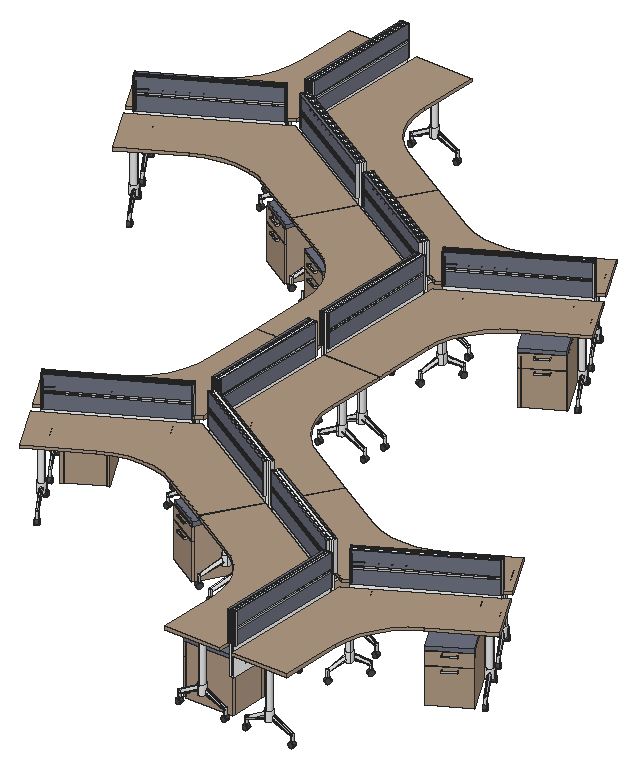
Revit family "T200028", category Furniture, Revit 2013 (continued)
Forms (in)
  Extrusion 482, solid, material "OFS BRANDS INTERMIX WORK Roll Plastic" <- "Roll Material"
    sketch origin (141.20612, -88.35753, 29.4745) x (-0.5, 0.866025, 0) y (0, 0, -1)
      loop
        arc (-19.24135, 27.42579) -> (-18.50581, 27.785) -> (-18.21545, 28.55034) r 1.11196
        line (-18.21545, 28.55034) -> (-18.30139, 28.55034)
    from -0.56728 to 0.61508
  Extrusion 483, solid, material "OFS BRANDS INTERMIX WORK Feet Metal" <- "Feet Material"
    sketch origin (94.90945, -111.37145, 0) x (-0.866025, -0.5, 0) y (0.5, -0.866025, 0)
      loop
        line (-54.57973, 9.4) -> (-48.57973, 9.4) -> (-48.57973, 17.4) -> (-54.57973, 17.4) -> (-54.57973, 9.4)
    from 27.6875 to 27.87542
  Extrusion 484, solid, material "OFS BRANDS INTERMIX WORK Feet Metal" <- "Feet Material"
    sketch origin (94.90945, -111.37145, 0) x (-0.866025, -0.5, 0) y (0.5, -0.866025, 0)
      loop
        circle (-51.57876, 13.39995) r 1.14391
    from 10.29161 to 27.6875
  Extrusion 485, solid, material "OFS BRANDS INTERMIX WORK Feet Metal" <- "Feet Material"
    sketch origin (94.90945, -111.37145, 0) x (-0.866025, -0.5, 0) y (0.5, -0.866025, 0)
      loop
        circle (-51.57876, 13.40165) r 1.51553
    from 6.70403 to 10.29161
  Extrusion 486, solid, material "OFS BRANDS INTERMIX WORK Feet Metal" <- "Feet Material"
    sketch origin (94.90945, -111.37145, 0) x (-0.866025, -0.5, 0) y (0.5, -0.866025, 0)
      loop
        circle (-51.57715, 22.59884) r 0.43
    from 2.38016 to 4.82597
  SweptBlend 487, solid, material "OFS BRANDS INTERMIX WORK Feet Metal" <- "Feet Material"
    path origin (94.90945, -111.37145, 0) x (-0.5, 0.866025, 0) y (0, 0, -1)
      loop
        line (-13.40165, -7.14826) -> (-22.60845, -3.84119)
    profile origin (101.61028, -122.97762, 7.14826) x (0.169026, -0.292762, 0.941127) y (-0.866025, -0.5, 0)
      loop
        arc (2.62281, -51.51844) -> (2.58268, -51.39722) -> (2.47816, -51.32389) r 0.20315
        line (2.47816, -51.32389) -> (1.22742, -50.94783)
        arc (1.22742, -50.94783) -> (0.97866, -50.92516) -> (0.7409, -51.00171) r 0.625
        line (0.7409, -51.00171) -> (0.41893, -51.18293)
        arc (0.41893, -51.18293) -> (0.37961, -51.2216) -> (0.36519, -51.27484) r 0.10547
        line (0.36519, -51.27484) -> (0.36519, -51.8808)
        arc (0.36519, -51.8808) -> (0.37972, -51.93444) -> (0.41933, -51.97341) r 0.10627
        line (0.41933, -51.97341) -> (0.74123, -52.15459)
        arc (0.74123, -52.15459) -> (0.97865, -52.23103) -> (1.22705, -52.20839) r 0.6241
        line (1.22705, -52.20839) -> (2.47817, -51.8322)
        arc (2.47817, -51.8322) -> (2.58269, -51.75888) -> (2.62281, -51.63768) r 0.20313
        line (2.62281, -51.63768) -> (2.62281, -51.51844)
    end profile origin (106.21368, -130.95095, 3.84119) x (0.169026, -0.292762, 0.941127) y (-0.866025, -0.5, 0)
      loop
        arc (0.00296, -51.97173) -> (0.47961, -51.92362) -> (0.93193, -51.76575) r 2.04165
        arc (0.93193, -51.76575) -> (1.04882, -51.57876) -> (0.93193, -51.39177) r 0.20801
        arc (0.93193, -51.39177) -> (0.47961, -51.2339) -> (0.00296, -51.18579) r 2.04165
        arc (0.00296, -51.18579) -> (-0.12974, -51.57876) -> (0.00296, -51.97173) r 0.64824
  Extrusion 488, solid, material "OFS BRANDS INTERMIX WORK Roll Plastic" <- "Roll Material"
    sketch origin (151.38842, -105.99379, 29.4745) x (0.5, -0.866025, 0) y (0, 0, 1)
      loop
        circle (-19.32729, -28.53442) r 0.94008
    from -0.75 to 0.78386
  Extrusion 489, solid, material "OFS BRANDS INTERMIX WORK Roll Plastic" <- "Roll Material"
    sketch origin (151.38842, -105.99379, 29.4745) x (0.5, -0.866025, 0) y (0, 0, 1)
      loop
        line (-18.30139, -28.55034) -> (-18.21545, -28.55034)
        arc (-18.21545, -28.55034) -> (-18.50581, -27.785) -> (-19.24135, -27.42579) r 1.11196
        line (-19.24135, -27.42579) -> (-19.24135, -27.09434) -> (-19.41323, -27.09434) -> (-19.41323, -27.42579)
        arc (-19.41323, -27.42579) -> (-20.14338, -27.77914) -> (-20.43925, -28.53442) r 1.11196
        line (-20.43925, -28.53442) -> (-20.35331, -28.53442)
        arc (-20.35331, -28.53442) -> (-20.08257, -27.83996) -> (-19.41323, -27.51201) r 1.02602
        line (-19.41323, -27.51201) -> (-19.41323, -27.59827)
        arc (-19.41323, -27.59827) -> (-19.32729, -27.59434) -> (-19.24135, -27.59827) r 0.94008
        line (-19.24135, -27.59827) -> (-19.24135, -27.51201)
        arc (-19.24135, -27.51201) -> (-18.56665, -27.84584) -> (-18.30139, -28.55034) r 1.02602
    from -0.56728 to 0.61508
  Extrusion 490, solid, material "OFS BRANDS INTERMIX WORK Feet Metal" <- "Feet Material"
    sketch origin (108.30945, -134.58093, 0) x (-0.866025, -0.5, 0) y (0.5, -0.866025, 0)
      loop
        circle (-51.57715, -22.59884) r 0.43
    from 2.38016 to 4.82597
  SweptBlend 491, solid, material "OFS BRANDS INTERMIX WORK Feet Metal" <- "Feet Material"
    path origin (108.30945, -134.58093, 0) x (0.5, -0.866025, 0) y (0, 0, 1)
      loop
        line (-13.40165, 7.14826) -> (-22.60845, 3.84119)
    profile origin (101.60863, -122.97477, 7.14826) x (0.169026, -0.292762, -0.941127) y (-0.866025, -0.5, 0)
      loop
        line (-2.62281, -51.51844) -> (-2.62281, -51.63768)
        arc (-2.62281, -51.63768) -> (-2.58269, -51.75888) -> (-2.47817, -51.8322) r 0.20313
        line (-2.47817, -51.8322) -> (-1.22705, -52.20839)
        arc (-1.22705, -52.20839) -> (-0.97865, -52.23103) -> (-0.74123, -52.15459) r 0.6241
        line (-0.74123, -52.15459) -> (-0.41933, -51.97341)
        arc (-0.41933, -51.97341) -> (-0.37972, -51.93444) -> (-0.36519, -51.8808) r 0.10627
        line (-0.36519, -51.8808) -> (-0.36519, -51.27484)
        arc (-0.36519, -51.27484) -> (-0.37961, -51.2216) -> (-0.41893, -51.18293) r 0.10547
        line (-0.41893, -51.18293) -> (-0.7409, -51.00171)
        arc (-0.7409, -51.00171) -> (-0.97866, -50.92516) -> (-1.22742, -50.94783) r 0.625
        line (-1.22742, -50.94783) -> (-2.47816, -51.32389)
        arc (-2.47816, -51.32389) -> (-2.58268, -51.39722) -> (-2.62281, -51.51844) r 0.20315
    end profile origin (97.00522, -115.00144, 3.84119) x (0.169026, -0.292762, -0.941127) y (-0.866025, -0.5, 0)
      loop
        arc (-0.00296, -51.97173) -> (0.12974, -51.57876) -> (-0.00296, -51.18579) r 0.64824
        arc (-0.00296, -51.18579) -> (-0.47961, -51.2339) -> (-0.93193, -51.39177) r 2.04165
        arc (-0.93193, -51.39177) -> (-1.04882, -51.57876) -> (-0.93193, -51.76575) r 0.20801
        arc (-0.93193, -51.76575) -> (-0.47961, -51.92362) -> (-0.00296, -51.97173) r 2.04165
  Extrusion 492, solid, material "OFS BRANDS INTERMIX WORK Top Core Wood" <- "Top Core Material"
    sketch origin (141.13754, -229.60688, 0) x (1, 0, 0) y (0, 1, 0)
      loop
        line (3.97134, 144.44683) -> (-42.79403, 117.44683) -> (-42.79403, 63.44684) -> (-20.79403, 63.44684) -> (-20.79403, 87.42463)
        arc (-20.79403, 87.42463) -> (-16.7855, 102.41798) -> (-5.81327, 113.39428) r 29.96155
        line (-5.81327, 113.39428) -> (14.97134, 125.39429) -> (3.97134, 144.44683)
    from 27.87542 to 29.00005
  Extrusion 493, solid, material "OFS BRANDS INTERMIX WORK Feet Metal" <- "Feet Material"
    sketch origin (53.9024, -101.97487, 0) x (-0.866025, 0.5, 0) y (-0.5, -0.866025, 0)
      loop
        line (-54.57973, -9.4) -> (-54.57973, -17.4) -> (-48.57973, -17.4) -> (-48.57973, -9.4) -> (-54.57973, -9.4)
    from 27.6875 to 27.87542
  Extrusion 494, solid, material "OFS BRANDS INTERMIX WORK Feet Metal" <- "Feet Material"
    sketch origin (53.9024, -101.97487, 0) x (-0.866025, 0.5, 0) y (-0.5, -0.866025, 0)
      loop
        circle (-51.57876, -13.39995) r 1.14391
    from 10.29161 to 27.6875
  Extrusion 495, solid, material "OFS BRANDS INTERMIX WORK Feet Metal" <- "Feet Material"
    sketch origin (53.9024, -101.97487, 0) x (-0.866025, 0.5, 0) y (-0.5, -0.866025, 0)
      loop
        circle (-51.57876, -13.40165) r 1.51553
    from 6.70403 to 10.29161
  Extrusion 496, solid, material "OFS BRANDS INTERMIX WORK Roll Plastic" <- "Roll Material"
    sketch origin (111.35105, -105.67304, 29.4745) x (0.5, 0.866025, 0) y (0, 0, -1)
      loop
        circle (-19.32729, 28.53442) r 0.94008
    from -0.75 to 0.78386
  Extrusion 497, solid, material "OFS BRANDS INTERMIX WORK Roll Plastic" <- "Roll Material"
    sketch origin (111.35105, -105.67304, 29.4745) x (0.5, 0.866025, 0) y (0, 0, -1)
      loop
        arc (-18.30139, 28.55034) -> (-18.56665, 27.84584) -> (-19.24135, 27.51201) r 1.02602
        line (-19.24135, 27.51201) -> (-19.24135, 27.59827)
        arc (-19.24135, 27.59827) -> (-19.32729, 27.59434) -> (-19.41323, 27.59827) r 0.94008
        line (-19.41323, 27.59827) -> (-19.41323, 27.51201)
        arc (-19.41323, 27.51201) -> (-20.08257, 27.83996) -> (-20.35331, 28.53442) r 1.02602
        line (-20.35331, 28.53442) -> (-20.43925, 28.53442)
        arc (-20.43925, 28.53442) -> (-20.14338, 27.77914) -> (-19.41323, 27.42579) r 1.11196
        line (-19.41323, 27.42579) -> (-19.41323, 27.09434) -> (-19.24135, 27.09434) -> (-19.24135, 27.42579)
        arc (-19.24135, 27.42579) -> (-18.50581, 27.785) -> (-18.21545, 28.55034) r 1.11196
        line (-18.21545, 28.55034) -> (-18.30139, 28.55034)
    from -0.56728 to 0.61508
  Extrusion 498, solid, material "OFS BRANDS INTERMIX WORK Feet Metal" <- "Feet Material"
    sketch origin (68.27209, -77.08588, 0) x (-0.866025, 0.5, 0) y (-0.5, -0.866025, 0)
      loop
        circle (-51.57715, 22.59884) r 0.43
    from 2.38016 to 4.9582
  SweptBlend 499, solid, material "OFS BRANDS INTERMIX WORK Feet Metal" <- "Feet Material"
    path origin (67.30242, -78.7654, 0) x (0.5, 0.866025, 0) y (0, 0, -1)
      loop
        line (-13.15165, -7.14826) -> (-20.5899, -3.99092)
    profile origin (60.72658, -90.15506, 7.14826) x (-0.195366, -0.338383, 0.920505) y (-0.866025, 0.5, 0)
      loop
        arc (2.62281, -51.51844) -> (2.58268, -51.39722) -> (2.47816, -51.32389) r 0.20315
        line (2.47816, -51.32389) -> (1.22742, -50.94783)
        arc (1.22742, -50.94783) -> (0.97866, -50.92516) -> (0.7409, -51.00171) r 0.625
        line (0.7409, -51.00171) -> (0.41893, -51.18293)
        arc (0.41893, -51.18293) -> (0.37961, -51.2216) -> (0.36519, -51.27484) r 0.10547
        line (0.36519, -51.27484) -> (0.36519, -51.8808)
        arc (0.36519, -51.8808) -> (0.37972, -51.93444) -> (0.41933, -51.97341) r 0.10627
        line (0.41933, -51.97341) -> (0.74123, -52.15459)
        arc (0.74123, -52.15459) -> (0.97865, -52.23103) -> (1.22705, -52.20839) r 0.6241
        line (1.22705, -52.20839) -> (2.47817, -51.8322)
        arc (2.47817, -51.8322) -> (2.58269, -51.75888) -> (2.62281, -51.63768) r 0.20313
        line (2.62281, -51.63768) -> (2.62281, -51.51844)
    end profile origin (57.00746, -96.59677, 3.99092) x (-0.195366, -0.338383, 0.920505) y (-0.866025, 0.5, 0)
      loop
        arc (0.00296, -51.97173) -> (0.47961, -51.92362) -> (0.93193, -51.76575) r 2.04165
        arc (0.93193, -51.76575) -> (1.04882, -51.57876) -> (0.93193, -51.39177) r 0.20801
        arc (0.93193, -51.39177) -> (0.47961, -51.2339) -> (0.00296, -51.18579) r 2.04165
        arc (0.00296, -51.18579) -> (-0.12974, -51.57876) -> (0.00296, -51.97173) r 0.64824
  Extrusion 500, solid, material "OFS BRANDS INTERMIX WORK Roll Plastic" <- "Roll Material"
    sketch origin (99.22939, -126.66833, 29.4745) x (-0.5, -0.866025, 0) y (0, 0, 1)
      loop
        circle (-19.32729, -28.53442) r 0.94008
    from -0.75 to 0.78386
  Extrusion 501, solid, material "OFS BRANDS INTERMIX WORK Roll Plastic" <- "Roll Material"
    sketch origin (99.22939, -126.66833, 29.4745) x (-0.5, -0.866025, 0) y (0, 0, 1)
      loop
        line (-18.30139, -28.55034) -> (-18.21545, -28.55034)
        arc (-18.21545, -28.55034) -> (-18.50581, -27.785) -> (-19.24135, -27.42579) r 1.11196
        line (-19.24135, -27.42579) -> (-19.24135, -27.09434) -> (-19.41323, -27.09434) -> (-19.41323, -27.42579)
        arc (-19.41323, -27.42579) -> (-20.14338, -27.77914) -> (-20.43925, -28.53442) r 1.11196
        line (-20.43925, -28.53442) -> (-20.35331, -28.53442)
        arc (-20.35331, -28.53442) -> (-20.08257, -27.83996) -> (-19.41323, -27.51201) r 1.02602
        line (-19.41323, -27.51201) -> (-19.41323, -27.59827)
        arc (-19.41323, -27.59827) -> (-19.32729, -27.59434) -> (-19.24135, -27.59827) r 0.94008
        line (-19.24135, -27.59827) -> (-19.24135, -27.51201)
        arc (-19.24135, -27.51201) -> (-18.56665, -27.84584) -> (-18.30139, -28.55034) r 1.02602
    from -0.56728 to 0.61508
  Extrusion 502, solid, material "OFS BRANDS INTERMIX WORK Feet Metal" <- "Feet Material"
    sketch origin (52.93273, -103.65439, 0) x (-0.866025, 0.5, 0) y (-0.5, -0.866025, 0)
      loop
        circle (-51.57715, -22.59884) r 0.43
    from 2.38016 to 4.9582
  SweptBlend 503, solid, material "OFS BRANDS INTERMIX WORK Feet Metal" <- "Feet Material"
    path origin (53.9024, -101.97487, 0) x (-0.5, -0.866025, 0) y (0, 0, 1)
      loop
        line (-13.15165, 7.14826) -> (-20.5899, 3.99092)
    profile origin (60.47823, -90.58521, 7.14826) x (-0.195366, -0.338383, -0.920505) y (-0.866025, 0.5, 0)
      loop
        line (-2.62281, -51.51844) -> (-2.62281, -51.63768)
        arc (-2.62281, -51.63768) -> (-2.58269, -51.75888) -> (-2.47817, -51.8322) r 0.20313
        line (-2.47817, -51.8322) -> (-1.22705, -52.20839)
        arc (-1.22705, -52.20839) -> (-0.97865, -52.23103) -> (-0.74123, -52.15459) r 0.6241
        line (-0.74123, -52.15459) -> (-0.41933, -51.97341)
        arc (-0.41933, -51.97341) -> (-0.37972, -51.93444) -> (-0.36519, -51.8808) r 0.10627
        line (-0.36519, -51.8808) -> (-0.36519, -51.27484)
        arc (-0.36519, -51.27484) -> (-0.37961, -51.2216) -> (-0.41893, -51.18293) r 0.10547
        line (-0.41893, -51.18293) -> (-0.7409, -51.00171)
        arc (-0.7409, -51.00171) -> (-0.97866, -50.92516) -> (-1.22742, -50.94783) r 0.625
        line (-1.22742, -50.94783) -> (-2.47816, -51.32389)
        arc (-2.47816, -51.32389) -> (-2.58268, -51.39722) -> (-2.62281, -51.51844) r 0.20315
    end profile origin (64.19736, -84.1435, 3.99092) x (-0.195366, -0.338383, -0.920505) y (-0.866025, 0.5, 0)
      loop
        arc (-0.00296, -51.97173) -> (0.12974, -51.57876) -> (-0.00296, -51.18579) r 0.64824
        arc (-0.00296, -51.18579) -> (-0.47961, -51.2339) -> (-0.93193, -51.39177) r 2.04165
        arc (-0.93193, -51.39177) -> (-1.04882, -51.57876) -> (-0.93193, -51.76575) r 0.20801
        arc (-0.93193, -51.76575) -> (-0.47961, -51.92362) -> (-0.00296, -51.97173) r 2.04165
  Extrusion 504, solid, material "OFS BRANDS INTERMIX WORK Back Coverage Plastic" <- "Back Coverage Material"
    sketch origin (117.88498, -98.02105, 29.4745) x (-0.86603, -0.499993, 0) y (0, 0, 1)
      loop
        line (20.99537, -11.2245) -> (20.99537, 12.5255) -> (-27.00463, 12.5255) -> (-27.00463, -11.2245) -> (20.99537, -11.2245)
    from -0.9375 to -0.1875
  Extrusion 505, solid, material "OFS BRANDS INTERMIX WORK Tackboard Fabric" <- "Tackboard Material"
    sketch origin (118.40159, -98.91588, 29.4745) x (-0.86603, -0.499993, 0) y (0, 0, 1)
      loop
        line (21.02662, 6.99425) -> (21.02662, 12.5255) -> (-27.03588, 12.5255) -> (-27.03588, 6.99425) -> (21.02662, 6.99425)
    from -0.66085 to 0.03085
  Extrusion 506, solid, material "OFS BRANDS INTERMIX WORK Tackboard Fabric" <- "Tackboard Material"
    sketch origin (118.40159, -98.91588, 22.69325) x (-0.86603, -0.499993, 0) y (0, 0, 1)
      loop
        line (20.68752, 6.99425) -> (20.68752, 12.5255) -> (-27.03588, 12.5255) -> (-27.03588, 6.99425) -> (20.68752, 6.99425)
    from -0.66085 to 0.03085
  Extrusion 507, solid, material "OFS BRANDS INTERMIX WORK Conector Metal" <- "Conector Material"
    sketch origin (95.93634, -110.07958, 0) x (0.86603, 0.499993, 0) y (-0.499993, 0.86603, 0)
      loop
        line (51.73413, -2.29012) -> (52.10913, -2.29011) -> (52.10913, -1.46862) -> (51.35913, -1.46862) -> (51.35913, -1.50452) -> (52.07323, -1.50452) -> (52.07323, -2.25422) -> (51.73413, -2.25422) -> (51.73413, -2.29012)
    from 29.74775 to 41.93975
  Extrusion 508, solid, material "OFS BRANDS INTERMIX WORK Tool Rail Metal" <- "Tool Rail Material"
    sketch origin (95.93634, -110.07958, 0) x (-0.499993, 0.86603, 0) y (0, 0, 1)
      loop
        line (-1.53351, 35.21875) -> (-1.53351, 34.46875) -> (-1.46862, 34.46875) -> (-1.46862, 35.29875) -> (-2.15611, 35.29875) -> (-2.15612, 35.70367) -> (-2.04082, 35.70367) -> (-1.85742, 35.59348) -> (-1.70638, 35.84486) -> (-1.85625, 36.09427) -> (-2.04176, 35.9828) -> (-2.15612, 35.9828) -> (-2.15612, 36.38875) -> (-1.46862, 36.38875) -> (-1.46862, 37.21875) -> (-1.53351, 37.21875) -> (-1.53351, 36.46875) -> (-2.23612, 36.46875) -> (-2.23612, 35.9028) -> (-2.01958, 35.9028) -> (-1.88459, 35.98391) -> (-1.80037, 35.84375) -> (-1.88459, 35.70359) -> (-2.01958, 35.78469) -> (-2.23612, 35.78469) -> (-2.23612, 35.21875) -> (-1.53351, 35.21875)
    from 4.01073 to 52.07323
  Extrusion 509, solid, material "OFS BRANDS INTERMIX WORK Conector Metal" <- "Conector Material"
    sketch origin (144.5067, -82.03801, 0) x (-0.86603, -0.499993, 0) y (0.499993, -0.86603, 0)
      loop
        line (51.73413, 2.29012) -> (51.73413, 2.25422) -> (52.07323, 2.25422) -> (52.07323, 1.50452) -> (51.35913, 1.50452) -> (51.35913, 1.46862) -> (52.10913, 1.46862) -> (52.10913, 2.29011) -> (51.73413, 2.29012)
    from 29.74775 to 41.93975
  Extrusion 510, solid, material "OFS BRANDS INTERMIX WORK Conector Clip Metal" <- "Conector Clip Material"
    sketch origin (141.27178, -84.51893, 57.662) x (0, 0, -1) y (-0.499993, 0.86603, 0)
      loop
        line (29.787, -2.37745) -> (29.787, -10.34879) -> (29.9745, -10.34879) -> (29.9745, -2.46068) -> (31.27888, -1.1563) -> (36.66201, -1.1563) -> (36.66201, -0.9375) -> (31.22695, -0.9375) -> (29.787, -2.37745)
    from -7.1875 to -5.8125
  Extrusion 511, solid, material "OFS BRANDS INTERMIX WORK Conector Clip Metal" <- "Conector Clip Material"
    sketch origin (141.27178, -84.51893, 57.662) x (0, 0, -1) y (-0.499993, 0.86603, 0)
      loop
        line (35.87689, -1.1563) -> (30.037, -10.49716) -> (30.037, -11.86776) -> (36.66201, -1.1563) -> (35.87689, -1.1563)
    from -6.59375 to -6.40625
  Extrusion 512, solid, material "OFS BRANDS INTERMIX WORK Conector Clip Metal" <- "Conector Clip Material"
    sketch origin (110.96075, -102.01868, 57.662) x (0, 0, -1) y (-0.499993, 0.86603, 0)
      loop
        line (29.787, -2.37745) -> (29.787, -10.34879) -> (29.9745, -10.34879) -> (29.9745, -2.46068) -> (31.27888, -1.1563) -> (36.66201, -1.1563) -> (36.66201, -0.9375) -> (31.22695, -0.9375) -> (29.787, -2.37745)
    from -7.1875 to -5.8125
  Extrusion 513, solid, material "OFS BRANDS INTERMIX WORK Conector Clip Metal" <- "Conector Clip Material"
    sketch origin (110.96075, -102.01868, 57.662) x (0, 0, -1) y (-0.499993, 0.86603, 0)
      loop
        line (35.87689, -1.1563) -> (30.037, -10.49716) -> (30.037, -11.86776) -> (36.66201, -1.1563) -> (35.87689, -1.1563)
    from -6.59375 to -6.40625
  Extrusion 514, solid, material "OFS BRANDS INTERMIX WORK Back Coverage Plastic" <- "Back Coverage Material"
    sketch origin (95.86954, -136.15289, 29.4745) x (-0.000008, 1, 0) y (0, 0, -1)
      loop
        line (20.99537, 11.2245) -> (-27.00463, 11.2245) -> (-27.00463, -12.5255) -> (20.99537, -12.5255) -> (20.99537, 11.2245)
    from -0.9375 to -0.1875
  Extrusion 515, solid, material "OFS BRANDS INTERMIX WORK Tackboard Fabric" <- "Tackboard Material"
    sketch origin (96.90279, -136.15288, 29.4745) x (-0.000008, 1, 0) y (0, 0, -1)
      loop
        line (21.02662, -6.99425) -> (-27.03588, -6.99425) -> (-27.03588, -12.5255) -> (21.02662, -12.5255) -> (21.02662, -6.99425)
    from -0.66085 to 0.03085
  Extrusion 516, solid, material "OFS BRANDS INTERMIX WORK Tackboard Fabric" <- "Tackboard Material"
    sketch origin (96.90279, -136.15288, 22.69325) x (-0.000008, 1, 0) y (0, 0, -1)
      loop
        line (20.68752, -6.99425) -> (-27.03588, -6.99425) -> (-27.03588, -12.5255) -> (20.68752, -12.5255) -> (20.68752, -6.99425)
    from -0.66085 to 0.03085
  Extrusion 517, solid, material "OFS BRANDS INTERMIX WORK Conector Metal" <- "Conector Material"
    sketch origin (95.33822, -111.11555, 0) x (0.000008, -1, 0) y (1, 0.000008, 0)
      loop
        line (51.73413, 2.29012) -> (51.73413, 2.25422) -> (52.07323, 2.25422) -> (52.07323, 1.50452) -> (51.35913, 1.50452) -> (51.35913, 1.46862) -> (52.10913, 1.46862) -> (52.10913, 2.29011) -> (51.73413, 2.29012)
    from 29.74775 to 41.93975
  Extrusion 518, solid, material "OFS BRANDS INTERMIX WORK Tool Rail Metal" <- "Tool Rail Material"
    sketch origin (95.33822, -111.11555, 0) x (-1, -0.000008, 0) y (0, 0, -1)
      loop
        line (-1.53351, -35.21875) -> (-2.23612, -35.21875) -> (-2.23612, -35.78469) -> (-2.01958, -35.78469) -> (-1.88459, -35.70359) -> (-1.80037, -35.84375) -> (-1.88459, -35.98391) -> (-2.01958, -35.9028) -> (-2.23612, -35.9028) -> (-2.23612, -36.46875) -> (-1.53351, -36.46875) -> (-1.53351, -37.21875) -> (-1.46862, -37.21875) -> (-1.46862, -36.38875) -> (-2.15612, -36.38875) -> (-2.15612, -35.9828) -> (-2.04176, -35.9828) -> (-1.85625, -36.09427) -> (-1.70638, -35.84486) -> (-1.85742, -35.59348) -> (-2.04082, -35.70367) -> (-2.15612, -35.70367) -> (-2.15611, -35.29875) -> (-1.46862, -35.29875) -> (-1.46862, -34.46875) -> (-1.53351, -34.46875) -> (-1.53351, -35.21875)
    from 4.01073 to 52.07323
  Extrusion 519, solid, material "OFS BRANDS INTERMIX WORK Conector Metal" <- "Conector Material"
    sketch origin (95.33867, -167.1995, 0) x (-0.000008, 1, 0) y (-1, -0.000008, 0)
      loop
        line (51.73413, -2.29012) -> (52.10913, -2.29011) -> (52.10913, -1.46862) -> (51.35913, -1.46862) -> (51.35913, -1.50452) -> (52.07323, -1.50452) -> (52.07323, -2.25422) -> (51.73413, -2.25422) -> (51.73413, -2.29012)
    from 29.74775 to 41.93975
  Extrusion 520, solid, material "OFS BRANDS INTERMIX WORK Conector Clip Metal" <- "Conector Clip Material"
    sketch origin (95.86976, -163.15752, 57.662) x (0, 0, -1) y (1, 0.000008, 0)
      loop
        line (29.787, 2.37745) -> (31.22695, 0.9375) -> (36.66201, 0.9375) -> (36.66201, 1.1563) -> (31.27888, 1.1563) -> (29.9745, 2.46068) -> (29.9745, 10.34879) -> (29.787, 10.34879) -> (29.787, 2.37745)
    from -7.1875 to -5.8125
  Extrusion 521, solid, material "OFS BRANDS INTERMIX WORK Conector Clip Metal" <- "Conector Clip Material"
    sketch origin (95.86976, -163.15752, 57.662) x (0, 0, -1) y (1, 0.000008, 0)
      loop
        line (35.87689, 1.1563) -> (36.66201, 1.1563) -> (30.037, 11.86776) -> (30.037, 10.49716) -> (35.87689, 1.1563)
    from -6.59375 to -6.40625
  Extrusion 522, solid, material "OFS BRANDS INTERMIX WORK Conector Clip Metal" <- "Conector Clip Material"
    sketch origin (95.86947, -128.15752, 57.662) x (0, 0, -1) y (1, 0.000008, 0)
      loop
        line (29.787, 2.37745) -> (31.22695, 0.9375) -> (36.66201, 0.9375) -> (36.66201, 1.1563) -> (31.27888, 1.1563) -> (29.9745, 2.46068) -> (29.9745, 10.34879) -> (29.787, 10.34879) -> (29.787, 2.37745)
    from -7.1875 to -5.8125
  Extrusion 523, solid, material "OFS BRANDS INTERMIX WORK Conector Clip Metal" <- "Conector Clip Material"
    sketch origin (95.86947, -128.15752, 57.662) x (0, 0, -1) y (1, 0.000008, 0)
      loop
        line (35.87689, 1.1563) -> (36.66201, 1.1563) -> (30.037, 11.86776) -> (30.037, 10.49716) -> (35.87689, 1.1563)
    from -6.59375 to -6.40625
  Extrusion 524, solid, material "OFS BRANDS INTERMIX WORK Roll Plastic" <- "Roll Material"
    sketch origin (99.16124, -161.18136, 29.4745) x (-1, 0.000001, 0) y (0, 0, 1)
      loop
        circle (-19.32729, -28.53442) r 0.94008
    from -0.75 to 0.78386
  Extrusion 525, solid, material "OFS BRANDS INTERMIX WORK Roll Plastic" <- "Roll Material"
    sketch origin (99.16124, -161.18136, 29.4745) x (-1, 0.000001, 0) y (0, 0, 1)
      loop
        line (-18.30139, -28.55034) -> (-18.21545, -28.55034)
        arc (-18.21545, -28.55034) -> (-18.50581, -27.785) -> (-19.24135, -27.42579) r 1.11196
        line (-19.24135, -27.42579) -> (-19.24135, -27.09434) -> (-19.41323, -27.09434) -> (-19.41323, -27.42579)
        arc (-19.41323, -27.42579) -> (-20.14338, -27.77914) -> (-20.43925, -28.53442) r 1.11196
        line (-20.43925, -28.53442) -> (-20.35331, -28.53442)
        arc (-20.35331, -28.53442) -> (-20.08257, -27.83996) -> (-19.41323, -27.51201) r 1.02602
        line (-19.41323, -27.51201) -> (-19.41323, -27.59827)
        arc (-19.41323, -27.59827) -> (-19.32729, -27.59434) -> (-19.24135, -27.59827) r 0.94008
        line (-19.24135, -27.59827) -> (-19.24135, -27.51201)
        arc (-19.24135, -27.51201) -> (-18.56665, -27.84584) -> (-18.30139, -28.55034) r 1.02602
    from -0.56728 to 0.61508
  Extrusion 526, solid, material "OFS BRANDS INTERMIX WORK Feet Metal" <- "Feet Material"
    sketch origin (95.94357, -109.5803, 0) x (0.000001, 1, 0) y (-1, 0.000001, 0)
      loop
        line (-54.57973, -9.4) -> (-54.57973, -17.4) -> (-48.57973, -17.4) -> (-48.57973, -9.4) -> (-54.57973, -9.4)
    from 27.6875 to 27.87542
  Extrusion 527, solid, material "OFS BRANDS INTERMIX WORK Feet Metal" <- "Feet Material"
    sketch origin (95.94357, -109.5803, 0) x (0.000001, 1, 0) y (-1, 0.000001, 0)
      loop
        circle (-51.57876, -13.39995) r 1.14391
    from 10.29161 to 27.6875
  Extrusion 528, solid, material "OFS BRANDS INTERMIX WORK Feet Metal" <- "Feet Material"
    sketch origin (95.94357, -109.5803, 0) x (0.000001, 1, 0) y (-1, 0.000001, 0)
      loop
        circle (-51.57876, -13.40165) r 1.51553
    from 6.70403 to 10.29161
  Extrusion 529, solid, material "OFS BRANDS INTERMIX WORK Feet Metal" <- "Feet Material"
    sketch origin (95.94357, -109.5803, 0) x (0.000001, 1, 0) y (-1, 0.000001, 0)
      loop
        circle (-51.57715, -22.59884) r 0.43
    from 2.38016 to 4.82597
  SweptBlend 530, solid, material "OFS BRANDS INTERMIX WORK Feet Metal" <- "Feet Material"
    path origin (95.94357, -109.5803, 0) x (-1, 0.000001, 0) y (0, 0, 1)
      loop
        line (-13.40165, 7.14826) -> (-22.60845, 3.84119)
    profile origin (109.34522, -109.58031, 7.14826) x (-0.338052, 0, -0.941127) y (0.000001, 1, 0)
      loop
        line (-2.62281, -51.51844) -> (-2.62281, -51.63768)
        arc (-2.62281, -51.63768) -> (-2.58269, -51.75888) -> (-2.47817, -51.8322) r 0.20313
        line (-2.47817, -51.8322) -> (-1.22705, -52.20839)
        arc (-1.22705, -52.20839) -> (-0.97865, -52.23103) -> (-0.74123, -52.15459) r 0.6241
        line (-0.74123, -52.15459) -> (-0.41933, -51.97341)
        arc (-0.41933, -51.97341) -> (-0.37972, -51.93444) -> (-0.36519, -51.8808) r 0.10627
        line (-0.36519, -51.8808) -> (-0.36519, -51.27484)
        arc (-0.36519, -51.27484) -> (-0.37961, -51.2216) -> (-0.41893, -51.18293) r 0.10547
        line (-0.41893, -51.18293) -> (-0.7409, -51.00171)
        arc (-0.7409, -51.00171) -> (-0.97866, -50.92516) -> (-1.22742, -50.94783) r 0.625
        line (-1.22742, -50.94783) -> (-2.47816, -51.32389)
        arc (-2.47816, -51.32389) -> (-2.58268, -51.39722) -> (-2.62281, -51.51844) r 0.20315
    end profile origin (118.55202, -109.58031, 3.84119) x (-0.338052, 0, -0.941127) y (0.000001, 1, 0)
      loop
        arc (-0.00296, -51.97173) -> (0.12974, -51.57876) -> (-0.00296, -51.18579) r 0.64824
        arc (-0.00296, -51.18579) -> (-0.47961, -51.2339) -> (-0.93193, -51.39177) r 2.04165
        arc (-0.93193, -51.39177) -> (-1.04882, -51.57876) -> (-0.93193, -51.76575) r 0.20801
        arc (-0.93193, -51.76575) -> (-0.47961, -51.92362) -> (-0.00296, -51.97173) r 2.04165
  Extrusion 531, solid, material "OFS BRANDS INTERMIX WORK Roll Plastic" <- "Roll Material"
    sketch origin (119.52585, -161.18137, 29.4745) x (1, -0.000001, 0) y (0, 0, -1)
      loop
        circle (-19.32729, 28.53442) r 0.94008
    from -0.75 to 0.78386
  Extrusion 532, solid, material "OFS BRANDS INTERMIX WORK Roll Plastic" <- "Roll Material"
    sketch origin (119.52585, -161.18137, 29.4745) x (1, -0.000001, 0) y (0, 0, -1)
      loop
        arc (-18.30139, 28.55034) -> (-18.56665, 27.84584) -> (-19.24135, 27.51201) r 1.02602
        line (-19.24135, 27.51201) -> (-19.24135, 27.59827)
        arc (-19.24135, 27.59827) -> (-19.32729, 27.59434) -> (-19.41323, 27.59827) r 0.94008
        line (-19.41323, 27.59827) -> (-19.41323, 27.51201)
        arc (-19.41323, 27.51201) -> (-20.08257, 27.83996) -> (-20.35331, 28.53442) r 1.02602
        line (-20.35331, 28.53442) -> (-20.43925, 28.53442)
        arc (-20.43925, 28.53442) -> (-20.14338, 27.77914) -> (-19.41323, 27.42579) r 1.11196
        line (-19.41323, 27.42579) -> (-19.41323, 27.09434) -> (-19.24135, 27.09434) -> (-19.24135, 27.42579)
        arc (-19.24135, 27.42579) -> (-18.50581, 27.785) -> (-18.21545, 28.55034) r 1.11196
        line (-18.21545, 28.55034) -> (-18.30139, 28.55034)
    from -0.56728 to 0.61508
  Extrusion 533, solid, material "OFS BRANDS INTERMIX WORK Feet Metal" <- "Feet Material"
    sketch origin (122.74357, -109.58031, 0) x (0.000001, 1, 0) y (-1, 0.000001, 0)
      loop
        circle (-51.57715, 22.59884) r 0.43
    from 2.38016 to 4.82597
  SweptBlend 534, solid, material "OFS BRANDS INTERMIX WORK Feet Metal" <- "Feet Material"
    path origin (122.74357, -109.58031, 0) x (1, -0.000001, 0) y (0, 0, -1)
      loop
        line (-13.40165, -7.14826) -> (-22.60845, -3.84119)
    profile origin (109.34192, -109.58031, 7.14826) x (-0.338052, 0, 0.941127) y (0.000001, 1, 0)
      loop
        arc (2.62281, -51.51844) -> (2.58268, -51.39722) -> (2.47816, -51.32389) r 0.20315
        line (2.47816, -51.32389) -> (1.22742, -50.94783)
        arc (1.22742, -50.94783) -> (0.97866, -50.92516) -> (0.7409, -51.00171) r 0.625
        line (0.7409, -51.00171) -> (0.41893, -51.18293)
        arc (0.41893, -51.18293) -> (0.37961, -51.2216) -> (0.36519, -51.27484) r 0.10547
        line (0.36519, -51.27484) -> (0.36519, -51.8808)
        arc (0.36519, -51.8808) -> (0.37972, -51.93444) -> (0.41933, -51.97341) r 0.10627
        line (0.41933, -51.97341) -> (0.74123, -52.15459)
        arc (0.74123, -52.15459) -> (0.97865, -52.23103) -> (1.22705, -52.20839) r 0.6241
        line (1.22705, -52.20839) -> (2.47817, -51.8322)
        arc (2.47817, -51.8322) -> (2.58269, -51.75888) -> (2.62281, -51.63768) r 0.20313
        line (2.62281, -51.63768) -> (2.62281, -51.51844)
    end profile origin (100.13512, -109.5803, 3.84119) x (-0.338052, 0, 0.941127) y (0.000001, 1, 0)
      loop
        arc (0.00296, -51.97173) -> (0.47961, -51.92362) -> (0.93193, -51.76575) r 2.04165
        arc (0.93193, -51.76575) -> (1.04882, -51.57876) -> (0.93193, -51.39177) r 0.20801
        arc (0.93193, -51.39177) -> (0.47961, -51.2339) -> (0.00296, -51.18579) r 2.04165
        arc (0.00296, -51.18579) -> (-0.12974, -51.57876) -> (0.00296, -51.97173) r 0.64824
  Extrusion 535, solid, material "OFS BRANDS INTERMIX WORK Drawer Front Wood" <- "Drawer Front Material"
    sketch origin (118.21049, -98.05905, -6.96875) x (0.866034, -0.499986, 0) y (0, 0, 1)
      loop
        line (-59.97733, 27.3125) -> (-59.97733, 21.96875) -> (-44.47733, 21.96875) -> (-44.47733, 27.3125) -> (-59.97733, 27.3125)
    from -1.3075 to -0.5575
  Extrusion 536, solid, material "OFS BRANDS INTERMIX WORK Pull Metal" <- "Pull Material"
    sketch origin (120.31708, -64.06968, -10.06825) x (0.866034, -0.499986, 0) y (0.499986, 0.866034, 0)
      loop
        line (-39.43501, -29.18171) -> (-39.43501, -28.42671) -> (-34.68501, -28.42671) -> (-34.68501, -29.18171) -> (-34.43501, -29.18171) -> (-34.43501, -28.17671) -> (-39.68501, -28.17671) -> (-39.68501, -29.18171) -> (-39.43501, -29.18171)
    from 28.9745 to 29.4745
  Extrusion 537, solid, material "OFS BRANDS INTERMIX WORK Drawer Front Wood" <- "Drawer Front Material"
    sketch origin (118.21049, -98.05905, -12.4375) x (0.866034, -0.499986, 0) y (0, 0, 1)
      loop
        line (-59.97733, 27.3125) -> (-59.97733, 13.1875) -> (-44.47733, 13.1875) -> (-44.47733, 27.3125) -> (-59.97733, 27.3125)
    from -1.3075 to -0.5575
  Extrusion 538, solid, material "OFS BRANDS INTERMIX WORK Pull Metal" <- "Pull Material"
    sketch origin (120.31708, -64.06968, -15.537) x (0.866034, -0.499986, 0) y (0.499986, 0.866034, 0)
      loop
        line (-39.43501, -29.18171) -> (-39.43501, -28.42671) -> (-34.68501, -28.42671) -> (-34.68501, -29.18171) -> (-34.43501, -29.18171) -> (-34.43501, -28.17671) -> (-39.68501, -28.17671) -> (-39.68501, -29.18171) -> (-39.43501, -29.18171)
    from 28.9745 to 29.4745
  Extrusion 539, solid, material "OFS BRANDS INTERMIX WORK Chassis Wood" <- "Chassis Material"
    sketch origin (67.32147, -65.74667, 0) x (0.499986, 0.866034, 0) y (0, 0, -1)
      loop
        line (-1.98233, -0.5) -> (-20.73233, -0.5) -> (-20.73233, -20.4375) -> (-1.98233, -20.4375) -> (-1.98233, -0.5)
    from -1.1875 to -0.1875
  Extrusion 540, solid, material "OFS BRANDS INTERMIX WORK Chassis Wood" <- "Chassis Material"
    sketch origin (75.84516, -94.82355, 0) x (0.866034, -0.499986, 0) y (0, 0, 1)
      loop
        line (-7.10733, 0.5) -> (-7.10733, 20.4375) -> (-20.73233, 20.4375) -> (-20.73233, 0.5) -> (-7.10733, 0.5)
    from -1.1875 to -0.1875
  Extrusion 541, solid, material "OFS BRANDS INTERMIX WORK Chassis Wood" <- "Chassis Material"
    sketch origin (81.17801, -73.74644, 0) x (0.499986, 0.866034, 0) y (0, 0, 1)
      loop
        line (-1.98233, 0.5) -> (-1.98233, 20.4375) -> (-20.73233, 20.4375) -> (-20.73233, 0.5) -> (-1.98233, 0.5)
    from -1.1875 to -0.1875
  Extrusion 542, solid, material "OFS BRANDS INTERMIX WORK Cushion Fabric" <- "Cushion Material"
    sketch origin (111.78372, -42.52812, 18.4375) x (0.866034, -0.499986, 0) y (-0.499986, -0.866034, 0)
      loop
        line (-26.70937, 43.82086) -> (-11.08437, 43.82087) -> (-11.08437, 63.07087) -> (-26.70937, 63.07086) -> (-26.70937, 43.82086)
    from -3.5 to -2
  Extrusion 543, solid, material "OFS BRANDS INTERMIX WORK Roll Plastic" <- "Roll Material"
    sketch origin (69.69412, -65.88902, 29.4745) x (0.499986, 0.866034, 0) y (0, 0, 1)
      loop
        circle (-19.32729, -28.53442) r 0.94008
    from -0.75 to 0.78386
  Extrusion 544, solid, material "OFS BRANDS INTERMIX WORK Roll Plastic" <- "Roll Material"
    sketch origin (69.69412, -65.88902, 29.4745) x (0.499986, 0.866034, 0) y (0, 0, 1)
      loop
        line (-18.30139, -28.55034) -> (-18.21545, -28.55034)
        arc (-18.21545, -28.55034) -> (-18.50581, -27.785) -> (-19.24135, -27.42579) r 1.11196
        line (-19.24135, -27.42579) -> (-19.24135, -27.09434) -> (-19.41323, -27.09434) -> (-19.41323, -27.42579)
        arc (-19.41323, -27.42579) -> (-20.14338, -27.77914) -> (-20.43925, -28.53442) r 1.11196
        line (-20.43925, -28.53442) -> (-20.35331, -28.53442)
        arc (-20.35331, -28.53442) -> (-20.08257, -27.83996) -> (-19.41323, -27.51201) r 1.02602
        line (-19.41323, -27.51201) -> (-19.41323, -27.59827)
        arc (-19.41323, -27.59827) -> (-19.32729, -27.59434) -> (-19.24135, -27.59827) r 0.94008
        line (-19.24135, -27.59827) -> (-19.24135, -27.51201)
        arc (-19.24135, -27.51201) -> (-18.56665, -27.84584) -> (-18.30139, -28.55034) r 1.02602
    from -0.56728 to 0.61508
  Extrusion 545, solid, material "OFS BRANDS INTERMIX WORK Chassis Wood" <- "Chassis Material"
    sketch origin (61.04563, 20.29085, -8.30733) x (0.866034, -0.499986, 0) y (0.499986, 0.866034, 0)
      loop
        line (49.64011, -73.35589) -> (49.64011, -91.10589) -> (63.26511, -91.10589) -> (63.26511, -73.35589) -> (49.64011, -73.35589)
    from 10.6875 to 11.75
  Extrusion 546, solid, material "OFS BRANDS INTERMIX WORK Roll Plastic" <- "Roll Material"
    sketch origin (79.86833, -71.76288, 29.4745) x (0.499986, 0.866034, 0) y (0, 0, -1)
      loop
        circle (-19.32729, 28.53442) r 0.94008
    from -0.75 to 0.78386
  Extrusion 547, solid, material "OFS BRANDS INTERMIX WORK Roll Plastic" <- "Roll Material"
    sketch origin (79.86833, -71.76288, 29.4745) x (0.499986, 0.866034, 0) y (0, 0, -1)
      loop
        arc (-18.30139, 28.55034) -> (-18.56665, 27.84584) -> (-19.24135, 27.51201) r 1.02602
        line (-19.24135, 27.51201) -> (-19.24135, 27.59827)
        arc (-19.24135, 27.59827) -> (-19.32729, 27.59434) -> (-19.41323, 27.59827) r 0.94008
        line (-19.41323, 27.59827) -> (-19.41323, 27.51201)
        arc (-19.41323, 27.51201) -> (-20.08257, 27.83996) -> (-20.35331, 28.53442) r 1.02602
        line (-20.35331, 28.53442) -> (-20.43925, 28.53442)
        arc (-20.43925, 28.53442) -> (-20.14338, 27.77914) -> (-19.41323, 27.42579) r 1.11196
        line (-19.41323, 27.42579) -> (-19.41323, 27.09434) -> (-19.24135, 27.09434) -> (-19.24135, 27.42579)
        arc (-19.24135, 27.42579) -> (-18.50581, 27.785) -> (-18.21545, 28.55034) r 1.11196
        line (-18.21545, 28.55034) -> (-18.30139, 28.55034)
    from -0.56728 to 0.61508
  Extrusion 548, solid, material "OFS BRANDS INTERMIX WORK Roll Plastic" <- "Roll Material"
    sketch origin (57.61991, -86.80297, 29.4745) x (-0.499986, -0.866034, 0) y (0, 0, -1)
      loop
        circle (-19.32729, 28.53442) r 0.94008
    from -0.75 to 0.78386
  Extrusion 549, solid, material "OFS BRANDS INTERMIX WORK Roll Plastic" <- "Roll Material"
    sketch origin (57.61991, -86.80297, 29.4745) x (-0.499986, -0.866034, 0) y (0, 0, -1)
      loop
        arc (-18.30139, 28.55034) -> (-18.56665, 27.84584) -> (-19.24135, 27.51201) r 1.02602
        line (-19.24135, 27.51201) -> (-19.24135, 27.59827)
        arc (-19.24135, 27.59827) -> (-19.32729, 27.59434) -> (-19.41323, 27.59827) r 0.94008
        line (-19.41323, 27.59827) -> (-19.41323, 27.51201)
        arc (-19.41323, 27.51201) -> (-20.08257, 27.83996) -> (-20.35331, 28.53442) r 1.02602
        line (-20.35331, 28.53442) -> (-20.43925, 28.53442)
        arc (-20.43925, 28.53442) -> (-20.14338, 27.77914) -> (-19.41323, 27.42579) r 1.11196
        line (-19.41323, 27.42579) -> (-19.41323, 27.09434) -> (-19.24135, 27.09434) -> (-19.24135, 27.42579)
        arc (-19.24135, 27.42579) -> (-18.50581, 27.785) -> (-18.21545, 28.55034) r 1.11196
        line (-18.21545, 28.55034) -> (-18.30139, 28.55034)
    from -0.56728 to 0.61508
  Extrusion 550, solid, material "OFS BRANDS INTERMIX WORK Roll Plastic" <- "Roll Material"
    sketch origin (67.79412, -92.67682, 29.4745) x (-0.499986, -0.866034, 0) y (0, 0, 1)
      loop
        circle (-19.32729, -28.53442) r 0.94008
    from -0.75 to 0.78386
  Extrusion 551, solid, material "OFS BRANDS INTERMIX WORK Roll Plastic" <- "Roll Material"
    sketch origin (67.79412, -92.67682, 29.4745) x (-0.499986, -0.866034, 0) y (0, 0, 1)
      loop
        line (-18.30139, -28.55034) -> (-18.21545, -28.55034)
        arc (-18.21545, -28.55034) -> (-18.50581, -27.785) -> (-19.24135, -27.42579) r 1.11196
        line (-19.24135, -27.42579) -> (-19.24135, -27.09434) -> (-19.41323, -27.09434) -> (-19.41323, -27.42579)
        arc (-19.41323, -27.42579) -> (-20.14338, -27.77914) -> (-20.43925, -28.53442) r 1.11196
        line (-20.43925, -28.53442) -> (-20.35331, -28.53442)
        arc (-20.35331, -28.53442) -> (-20.08257, -27.83996) -> (-19.41323, -27.51201) r 1.02602
        line (-19.41323, -27.51201) -> (-19.41323, -27.59827)
        arc (-19.41323, -27.59827) -> (-19.32729, -27.59434) -> (-19.24135, -27.59827) r 0.94008
        line (-19.24135, -27.59827) -> (-19.24135, -27.51201)
        arc (-19.24135, -27.51201) -> (-18.56665, -27.84584) -> (-18.30139, -28.55034) r 1.02602
    from -0.56728 to 0.61508
  Extrusion 552, solid, material "OFS BRANDS INTERMIX WORK Roll Plastic" <- "Roll Material"
    sketch origin (137.98025, -82.77914, 29.4745) x (0.500014, -0.866017, 0) y (0, 0, 1)
      loop
        circle (-19.32729, -28.53442) r 0.94008
    from -0.75 to 0.78386
  Extrusion 553, solid, material "OFS BRANDS INTERMIX WORK Roll Plastic" <- "Roll Material"
    sketch origin (137.98025, -82.77914, 29.4745) x (0.500014, -0.866017, 0) y (0, 0, 1)
      loop
        line (-18.30139, -28.55034) -> (-18.21545, -28.55034)
        arc (-18.21545, -28.55034) -> (-18.50581, -27.785) -> (-19.24135, -27.42579) r 1.11196
        line (-19.24135, -27.42579) -> (-19.24135, -27.09434) -> (-19.41323, -27.09434) -> (-19.41323, -27.42579)
        arc (-19.41323, -27.42579) -> (-20.14338, -27.77914) -> (-20.43925, -28.53442) r 1.11196
        line (-20.43925, -28.53442) -> (-20.35331, -28.53442)
        arc (-20.35331, -28.53442) -> (-20.08257, -27.83996) -> (-19.41323, -27.51201) r 1.02602
        line (-19.41323, -27.51201) -> (-19.41323, -27.59827)
        arc (-19.41323, -27.59827) -> (-19.32729, -27.59434) -> (-19.24135, -27.59827) r 0.94008
        line (-19.24135, -27.59827) -> (-19.24135, -27.51201)
        arc (-19.24135, -27.51201) -> (-18.56665, -27.84584) -> (-18.30139, -28.55034) r 1.02602
    from -0.56728 to 0.61508
  Extrusion 554, solid, material "OFS BRANDS INTERMIX WORK Feet Metal" <- "Feet Material"
    sketch origin (94.90173, -111.36696, 0) x (-0.866017, -0.500014, 0) y (0.500014, -0.866017, 0)
      loop
        line (-54.57973, -9.4) -> (-54.57973, -17.4) -> (-48.57973, -17.4) -> (-48.57973, -9.4) -> (-54.57973, -9.4)
    from 27.6875 to 27.87542
  Extrusion 555, solid, material "OFS BRANDS INTERMIX WORK Feet Metal" <- "Feet Material"
    sketch origin (94.90173, -111.36696, 0) x (-0.866017, -0.500014, 0) y (0.500014, -0.866017, 0)
      loop
        circle (-51.57876, -13.39995) r 1.14391
    from 10.29161 to 27.6875
  Extrusion 556, solid, material "OFS BRANDS INTERMIX WORK Feet Metal" <- "Feet Material"
    sketch origin (94.90173, -111.36696, 0) x (-0.866017, -0.500014, 0) y (0.500014, -0.866017, 0)
      loop
        circle (-51.57876, -13.40165) r 1.51553
    from 6.70403 to 10.29161
  Extrusion 557, solid, material "OFS BRANDS INTERMIX WORK Feet Metal" <- "Feet Material"
    sketch origin (94.90173, -111.36696, 0) x (-0.866017, -0.500014, 0) y (0.500014, -0.866017, 0)
      loop
        circle (-51.57715, -22.59884) r 0.43
    from 2.38016 to 4.82597
  SweptBlend 558, solid, material "OFS BRANDS INTERMIX WORK Feet Metal" <- "Feet Material"
    path origin (94.90173, -111.36696, 0) x (0.500014, -0.866017, 0) y (0, 0, 1)
      loop
        line (-13.40165, 7.14826) -> (-22.60845, 3.84119)
    profile origin (88.20072, -99.7609, 7.14826) x (0.169031, -0.292759, -0.941127) y (-0.866017, -0.500014, 0)
      loop
        line (-2.62281, -51.51844) -> (-2.62281, -51.63768)
        arc (-2.62281, -51.63768) -> (-2.58269, -51.75888) -> (-2.47817, -51.8322) r 0.20313
        line (-2.47817, -51.8322) -> (-1.22705, -52.20839)
        arc (-1.22705, -52.20839) -> (-0.97865, -52.23103) -> (-0.74123, -52.15459) r 0.6241
        line (-0.74123, -52.15459) -> (-0.41933, -51.97341)
        arc (-0.41933, -51.97341) -> (-0.37972, -51.93444) -> (-0.36519, -51.8808) r 0.10627
        line (-0.36519, -51.8808) -> (-0.36519, -51.27484)
        arc (-0.36519, -51.27484) -> (-0.37961, -51.2216) -> (-0.41893, -51.18293) r 0.10547
        line (-0.41893, -51.18293) -> (-0.7409, -51.00171)
        arc (-0.7409, -51.00171) -> (-0.97866, -50.92516) -> (-1.22742, -50.94783) r 0.625
        line (-1.22742, -50.94783) -> (-2.47816, -51.32389)
        arc (-2.47816, -51.32389) -> (-2.58268, -51.39722) -> (-2.62281, -51.51844) r 0.20315
    end profile origin (83.5972, -91.78765, 3.84119) x (0.169031, -0.292759, -0.941127) y (-0.866017, -0.500014, 0)
      loop
        arc (-0.00296, -51.97173) -> (0.12974, -51.57876) -> (-0.00296, -51.18579) r 0.64824
        arc (-0.00296, -51.18579) -> (-0.47961, -51.2339) -> (-0.93193, -51.39177) r 2.04165
        arc (-0.93193, -51.39177) -> (-1.04882, -51.57876) -> (-0.93193, -51.76575) r 0.20801
        arc (-0.93193, -51.76575) -> (-0.47961, -51.92362) -> (-0.00296, -51.97173) r 2.04165
  Extrusion 559, solid, material "OFS BRANDS INTERMIX WORK Roll Plastic" <- "Roll Material"
    sketch origin (127.79767, -65.14304, 29.4745) x (-0.500014, 0.866017, 0) y (0, 0, -1)
      loop
        circle (-19.32729, 28.53442) r 0.94008
    from -0.75 to 0.78386
  Extrusion 560, solid, material "OFS BRANDS INTERMIX WORK Roll Plastic" <- "Roll Material"
    sketch origin (127.79767, -65.14304, 29.4745) x (-0.500014, 0.866017, 0) y (0, 0, -1)
      loop
        arc (-18.30139, 28.55034) -> (-18.56665, 27.84584) -> (-19.24135, 27.51201) r 1.02602
        line (-19.24135, 27.51201) -> (-19.24135, 27.59827)
        arc (-19.24135, 27.59827) -> (-19.32729, 27.59434) -> (-19.41323, 27.59827) r 0.94008
        line (-19.41323, 27.59827) -> (-19.41323, 27.51201)
        arc (-19.41323, 27.51201) -> (-20.08257, 27.83996) -> (-20.35331, 28.53442) r 1.02602
        line (-20.35331, 28.53442) -> (-20.43925, 28.53442)
        arc (-20.43925, 28.53442) -> (-20.14338, 27.77914) -> (-19.41323, 27.42579) r 1.11196
        line (-19.41323, 27.42579) -> (-19.41323, 27.09434) -> (-19.24135, 27.09434) -> (-19.24135, 27.42579)
        arc (-19.24135, 27.42579) -> (-18.50581, 27.785) -> (-18.21545, 28.55034) r 1.11196
        line (-18.21545, 28.55034) -> (-18.30139, 28.55034)
    from -0.56728 to 0.61508
  Extrusion 561, solid, material "OFS BRANDS INTERMIX WORK Feet Metal" <- "Feet Material"
    sketch origin (81.50136, -88.15769, 0) x (-0.866017, -0.500014, 0) y (0.500014, -0.866017, 0)
      loop
        circle (-51.57715, 22.59884) r 0.43
    from 2.38016 to 4.82597
  SweptBlend 562, solid, material "OFS BRANDS INTERMIX WORK Feet Metal" <- "Feet Material"
    path origin (81.50136, -88.15769, 0) x (-0.500014, 0.866017, 0) y (0, 0, -1)
      loop
        line (-13.40165, -7.14826) -> (-22.60845, -3.84119)
    profile origin (88.20237, -99.76375, 7.14826) x (0.169031, -0.292759, 0.941127) y (-0.866017, -0.500014, 0)
      loop
        arc (2.62281, -51.51844) -> (2.58268, -51.39722) -> (2.47816, -51.32389) r 0.20315
        line (2.47816, -51.32389) -> (1.22742, -50.94783)
        arc (1.22742, -50.94783) -> (0.97866, -50.92516) -> (0.7409, -51.00171) r 0.625
        line (0.7409, -51.00171) -> (0.41893, -51.18293)
        arc (0.41893, -51.18293) -> (0.37961, -51.2216) -> (0.36519, -51.27484) r 0.10547
        line (0.36519, -51.27484) -> (0.36519, -51.8808)
        arc (0.36519, -51.8808) -> (0.37972, -51.93444) -> (0.41933, -51.97341) r 0.10627
        line (0.41933, -51.97341) -> (0.74123, -52.15459)
        arc (0.74123, -52.15459) -> (0.97865, -52.23103) -> (1.22705, -52.20839) r 0.6241
        line (1.22705, -52.20839) -> (2.47817, -51.8322)
        arc (2.47817, -51.8322) -> (2.58269, -51.75888) -> (2.62281, -51.63768) r 0.20313
        line (2.62281, -51.63768) -> (2.62281, -51.51844)
    end profile origin (92.8059, -107.737, 3.84119) x (0.169031, -0.292759, 0.941127) y (-0.866017, -0.500014, 0)
      loop
        arc (0.00296, -51.97173) -> (0.47961, -51.92362) -> (0.93193, -51.76575) r 2.04165
        arc (0.93193, -51.76575) -> (1.04882, -51.57876) -> (0.93193, -51.39177) r 0.20801
        arc (0.93193, -51.39177) -> (0.47961, -51.2339) -> (0.00296, -51.18579) r 2.04165
        arc (0.00296, -51.18579) -> (-0.12974, -51.57876) -> (0.00296, -51.97173) r 0.64824
  Extrusion 563, solid, material "OFS BRANDS INTERMIX WORK Top Core Wood" <- "Top Core Material"
    sketch origin (15.6193, -12.21582, 0) x (0.499986, 0.866034, 0) y (-0.866034, 0.499986, 0)
      loop
        line (3.97134, -144.44683) -> (14.97134, -125.39429) -> (-5.81327, -113.39428)
        arc (-5.81327, -113.39428) -> (-16.7855, -102.41798) -> (-20.79403, -87.42463) r 29.96155
        line (-20.79403, -87.42463) -> (-20.79403, -63.44684) -> (-42.79403, -63.44684) -> (-42.79403, -117.44683) -> (3.97134, -144.44683)
    from 27.87542 to 29.00005
  Extrusion 564, solid, material "OFS BRANDS INTERMIX WORK Feet Metal" <- "Feet Material"
    sketch origin (82.53654, -151.57859, 0) x (0.000017, -1, 0) y (1, 0.000017, 0)
      loop
        line (-54.57973, 9.4) -> (-48.57973, 9.4) -> (-48.57973, 17.4) -> (-54.57973, 17.4) -> (-54.57973, 9.4)
    from 27.6875 to 27.87542
  Extrusion 565, solid, material "OFS BRANDS INTERMIX WORK Feet Metal" <- "Feet Material"
    sketch origin (82.53654, -151.57859, 0) x (0.000017, -1, 0) y (1, 0.000017, 0)
      loop
        circle (-51.57876, 13.39995) r 1.14391
    from 10.29161 to 27.6875
  Extrusion 566, solid, material "OFS BRANDS INTERMIX WORK Feet Metal" <- "Feet Material"
    sketch origin (82.53654, -151.57859, 0) x (0.000017, -1, 0) y (1, 0.000017, 0)
      loop
        circle (-51.57876, 13.40165) r 1.51553
    from 6.70403 to 10.29161
  Extrusion 567, solid, material "OFS BRANDS INTERMIX WORK Roll Plastic" <- "Roll Material"
    sketch origin (108.05732, -99.97711, 29.4745) x (1, 0.000017, 0) y (0, 0, 1)
      loop
        circle (-19.32729, -28.53442) r 0.94008
    from -0.75 to 0.78386
  Extrusion 568, solid, material "OFS BRANDS INTERMIX WORK Roll Plastic" <- "Roll Material"
    sketch origin (108.05732, -99.97711, 29.4745) x (1, 0.000017, 0) y (0, 0, 1)
      loop
        line (-18.30139, -28.55034) -> (-18.21545, -28.55034)
        arc (-18.21545, -28.55034) -> (-18.50581, -27.785) -> (-19.24135, -27.42579) r 1.11196
        line (-19.24135, -27.42579) -> (-19.24135, -27.09434) -> (-19.41323, -27.09434) -> (-19.41323, -27.42579)
        arc (-19.41323, -27.42579) -> (-20.14338, -27.77914) -> (-20.43925, -28.53442) r 1.11196
        line (-20.43925, -28.53442) -> (-20.35331, -28.53442)
        arc (-20.35331, -28.53442) -> (-20.08257, -27.83996) -> (-19.41323, -27.51201) r 1.02602
        line (-19.41323, -27.51201) -> (-19.41323, -27.59827)
        arc (-19.41323, -27.59827) -> (-19.32729, -27.59434) -> (-19.24135, -27.59827) r 0.94008
        line (-19.24135, -27.59827) -> (-19.24135, -27.51201)
        arc (-19.24135, -27.51201) -> (-18.56665, -27.84584) -> (-18.30139, -28.55034) r 1.02602
    from -0.56728 to 0.61508
  Extrusion 569, solid, material "OFS BRANDS INTERMIX WORK Feet Metal" <- "Feet Material"
    sketch origin (111.27588, -151.57811, 0) x (0.000017, -1, 0) y (1, 0.000017, 0)
      loop
        circle (-51.57715, -22.59884) r 0.43
    from 2.38016 to 4.9582
  SweptBlend 570, solid, material "OFS BRANDS INTERMIX WORK Feet Metal" <- "Feet Material"
    path origin (109.33654, -151.57815, 0) x (1, 0.000017, 0) y (0, 0, 1)
      loop
        line (-13.15165, 7.14826) -> (-20.5899, 3.99092)
    profile origin (96.18489, -151.57837, 7.14826) x (0.390731, 0.000007, -0.920505) y (0.000017, -1, 0)
      loop
        line (-2.62281, -51.51844) -> (-2.62281, -51.63768)
        arc (-2.62281, -51.63768) -> (-2.58269, -51.75888) -> (-2.47817, -51.8322) r 0.20313
        line (-2.47817, -51.8322) -> (-1.22705, -52.20839)
        arc (-1.22705, -52.20839) -> (-0.97865, -52.23103) -> (-0.74123, -52.15459) r 0.6241
        line (-0.74123, -52.15459) -> (-0.41933, -51.97341)
        arc (-0.41933, -51.97341) -> (-0.37972, -51.93444) -> (-0.36519, -51.8808) r 0.10627
        line (-0.36519, -51.8808) -> (-0.36519, -51.27484)
        arc (-0.36519, -51.27484) -> (-0.37961, -51.2216) -> (-0.41893, -51.18293) r 0.10547
        line (-0.41893, -51.18293) -> (-0.7409, -51.00171)
        arc (-0.7409, -51.00171) -> (-0.97866, -50.92516) -> (-1.22742, -50.94783) r 0.625
        line (-1.22742, -50.94783) -> (-2.47816, -51.32389)
        arc (-2.47816, -51.32389) -> (-2.58268, -51.39722) -> (-2.62281, -51.51844) r 0.20315
    end profile origin (88.74664, -151.57849, 3.99092) x (0.390731, 0.000007, -0.920505) y (0.000017, -1, 0)
      loop
        arc (-0.00296, -51.97173) -> (0.12974, -51.57876) -> (-0.00296, -51.18579) r 0.64824
        arc (-0.00296, -51.18579) -> (-0.47961, -51.2339) -> (-0.93193, -51.39177) r 2.04165
        arc (-0.93193, -51.39177) -> (-1.04882, -51.57876) -> (-0.93193, -51.76575) r 0.20801
        arc (-0.93193, -51.76575) -> (-0.47961, -51.92362) -> (-0.00296, -51.97173) r 2.04165
  Extrusion 571, solid, material "OFS BRANDS INTERMIX WORK Roll Plastic" <- "Roll Material"
    sketch origin (83.81404, -99.97752, 29.4745) x (-1, -0.000017, 0) y (0, 0, -1)
      loop
        circle (-19.32729, 28.53442) r 0.94008
    from -0.75 to 0.78386
  Extrusion 572, solid, material "OFS BRANDS INTERMIX WORK Roll Plastic" <- "Roll Material"
    sketch origin (83.81404, -99.97752, 29.4745) x (-1, -0.000017, 0) y (0, 0, -1)
      loop
        arc (-18.30139, 28.55034) -> (-18.56665, 27.84584) -> (-19.24135, 27.51201) r 1.02602
        line (-19.24135, 27.51201) -> (-19.24135, 27.59827)
        arc (-19.24135, 27.59827) -> (-19.32729, 27.59434) -> (-19.41323, 27.59827) r 0.94008
        line (-19.41323, 27.59827) -> (-19.41323, 27.51201)
        arc (-19.41323, 27.51201) -> (-20.08257, 27.83996) -> (-20.35331, 28.53442) r 1.02602
        line (-20.35331, 28.53442) -> (-20.43925, 28.53442)
        arc (-20.43925, 28.53442) -> (-20.14338, 27.77914) -> (-19.41323, 27.42579) r 1.11196
        line (-19.41323, 27.42579) -> (-19.41323, 27.09434) -> (-19.24135, 27.09434) -> (-19.24135, 27.42579)
        arc (-19.24135, 27.42579) -> (-18.50581, 27.785) -> (-18.21545, 28.55034) r 1.11196
        line (-18.21545, 28.55034) -> (-18.30139, 28.55034)
    from -0.56728 to 0.61508
  Extrusion 573, solid, material "OFS BRANDS INTERMIX WORK Feet Metal" <- "Feet Material"
    sketch origin (80.5972, -151.57863, 0) x (0.000017, -1, 0) y (1, 0.000017, 0)
      loop
        circle (-51.57715, 22.59884) r 0.43
    from 2.38016 to 4.9582
  SweptBlend 574, solid, material "OFS BRANDS INTERMIX WORK Feet Metal" <- "Feet Material"
    path origin (82.53654, -151.57859, 0) x (-1, -0.000017, 0) y (0, 0, -1)
      loop
        line (-13.15165, -7.14826) -> (-20.5899, -3.99092)
    profile origin (95.68819, -151.57837, 7.14826) x (0.390731, 0.000007, 0.920505) y (0.000017, -1, 0)
      loop
        arc (2.62281, -51.51844) -> (2.58268, -51.39722) -> (2.47816, -51.32389) r 0.20315
        line (2.47816, -51.32389) -> (1.22742, -50.94783)
        arc (1.22742, -50.94783) -> (0.97866, -50.92516) -> (0.7409, -51.00171) r 0.625
        line (0.7409, -51.00171) -> (0.41893, -51.18293)
        arc (0.41893, -51.18293) -> (0.37961, -51.2216) -> (0.36519, -51.27484) r 0.10547
        line (0.36519, -51.27484) -> (0.36519, -51.8808)
        arc (0.36519, -51.8808) -> (0.37972, -51.93444) -> (0.41933, -51.97341) r 0.10627
        line (0.41933, -51.97341) -> (0.74123, -52.15459)
        arc (0.74123, -52.15459) -> (0.97865, -52.23103) -> (1.22705, -52.20839) r 0.6241
        line (1.22705, -52.20839) -> (2.47817, -51.8322)
        arc (2.47817, -51.8322) -> (2.58269, -51.75888) -> (2.62281, -51.63768) r 0.20313
        line (2.62281, -51.63768) -> (2.62281, -51.51844)
    end profile origin (103.12644, -151.57825, 3.99092) x (0.390731, 0.000007, 0.920505) y (0.000017, -1, 0)
      loop
        arc (0.00296, -51.97173) -> (0.47961, -51.92362) -> (0.93193, -51.76575) r 2.04165
        arc (0.93193, -51.76575) -> (1.04882, -51.57876) -> (0.93193, -51.39177) r 0.20801
        arc (0.93193, -51.39177) -> (0.47961, -51.2339) -> (0.00296, -51.18579) r 2.04165
        arc (0.00296, -51.18579) -> (-0.12974, -51.57876) -> (0.00296, -51.97173) r 0.64824
  Extrusion 575, solid, material "OFS BRANDS INTERMIX WORK Back Coverage Plastic" <- "Back Coverage Material"
    sketch origin (117.95107, -98.1444, 29.4745) x (-0.866013, -0.500021, 0) y (0, 0, -1)
      loop
        line (20.99537, 11.2245) -> (-27.00463, 11.2245) -> (-27.00463, -12.5255) -> (20.99537, -12.5255) -> (20.99537, 11.2245)
    from -0.9375 to -0.1875
  Extrusion 576, solid, material "OFS BRANDS INTERMIX WORK Tackboard Fabric" <- "Tackboard Material"
    sketch origin (117.43443, -97.24959, 29.4745) x (-0.866013, -0.500021, 0) y (0, 0, -1)
      loop
        line (21.02662, -6.99425) -> (-27.03588, -6.99425) -> (-27.03588, -12.5255) -> (21.02662, -12.5255) -> (21.02662, -6.99425)
    from -0.66085 to 0.03085
